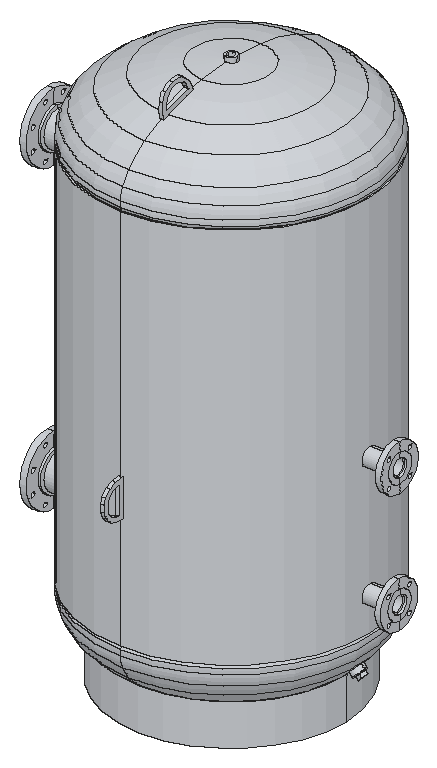
Revit family "HBT-300-24", category Generic Models, Revit 2014
Parameters (values of type "HBT-300-24")
  URL = "http://westank.com/"
  Tank Volume = 300.00 gal
  Part Number = 55643024
  Model = "HBT-300-24"
  Maximum Shipping Weight = 768 lbf
  G = 16"
  B = 4"
  A = 2"
  F = 32"
  E = 56"
  Description = "Wessels ASME 4-port primary-secondary Hot Water Buffer Tanks (HBT) are designed for use with today’s high efficiency systems that incorporate small modular low-mass boilers."
  D = 72"
  C = 36"
Reference planes (in)
  plane 1 "Center (Front/Back)": y = 0
  plane 2: z = 0
  plane 3 "Center (Left/Right)": x = 0
  plane 4: z = 0
  plane 5: x = -18
  plane 6: x = 18
  plane 7: z = 72
  plane 8: z = 56
  plane 9: z = 32
  plane 10: z = 16
Forms (in)
  Revolve 1, solid
    sketch origin (0, -0.02461, 0) x (0, 1, 0) y (0, 0, 1)
      loop
        line (-17.97559, 11.40987) -> (-17.77585, 11.40987)
        arc (-17.77585, 11.40987) -> (-17.77901, 11.38745) -> (-17.78675, 11.36617) r 0.10832
        line (-17.78675, 11.36617) -> (-17.97559, 10.97899)
        arc (-17.97559, 10.97899) -> (-17.97692, 10.6034) -> (-17.93634, 10.23002) r 3.36112
        arc (-17.93634, 10.23002) -> (-17.83534, 9.45516) -> (-17.56075, 8.72359) r 3.4127
        arc (-17.56075, 8.72359) -> (-17.14884, 7.91952) -> (-16.63227, 7.17835) r 6.68364
        arc (-16.63227, 7.17835) -> (-15.41449, 5.9118) -> (-13.99078, 4.88214) r 9.83519
        arc (-13.99078, 4.88214) -> (-12.33964, 3.99029) -> (-10.62031, 3.23825) r 22.63963
        arc (-10.62031, 3.23825) -> (-7.74153, 2.33452) -> (-4.76815, 1.82164) r 22.63963
        arc (-4.76815, 1.82164) -> (-2.37465, 1.61295) -> (0.02461, 1.4865) r 70.02787
        line (0.02461, 1.4865) -> (0.02461, 1.65848)
        arc (0.02461, 1.65848) -> (-2.3657, 1.78462) -> (-4.75028, 1.99258) r 69.85599
        arc (-4.75028, 1.99258) -> (-7.70109, 2.50157) -> (-10.55801, 3.39844) r 22.46775
        arc (-10.55801, 3.39844) -> (-12.26429, 4.14477) -> (-13.9029, 5.02985) r 22.46775
        arc (-13.9029, 5.02985) -> (-15.30173, 6.04151) -> (-16.49823, 7.28593) r 9.66331
        arc (-16.49823, 7.28593) -> (-17.00303, 8.01057) -> (-17.40515, 8.79685) r 6.51177
        arc (-17.40515, 8.79685) -> (-17.66943, 9.50016) -> (-17.76465, 10.24543) r 3.24083
        arc (-17.76465, 10.24543) -> (-17.80397, 10.58906) -> (-17.80585, 10.93493) r 3.18924
        line (-17.80585, 10.93493) -> (-17.63227, 11.29083)
        arc (-17.63227, 11.29083) -> (-17.60804, 11.35818) -> (-17.59889, 11.42917) r 0.33041
        line (-17.59889, 11.42917) -> (-17.80365, 11.42917) -> (-17.80365, 62.07314) -> (-17.59889, 62.07314)
        arc (-17.59889, 62.07314) -> (-17.60804, 62.14413) -> (-17.63227, 62.21149) r 0.33041
        line (-17.63227, 62.21149) -> (-17.80585, 62.56739)
        arc (-17.80585, 62.56739) -> (-17.80397, 62.91325) -> (-17.76465, 63.25688) r 3.18924
        arc (-17.76465, 63.25688) -> (-17.66943, 64.00215) -> (-17.40515, 64.70547) r 3.24083
        arc (-17.40515, 64.70547) -> (-17.00303, 65.49175) -> (-16.49823, 66.21639) r 6.51177
        arc (-16.49823, 66.21639) -> (-15.30173, 67.4608) -> (-13.9029, 68.47247) r 9.66331
        arc (-13.9029, 68.47247) -> (-12.26429, 69.35755) -> (-10.55801, 70.10388) r 22.46775
        arc (-10.55801, 70.10388) -> (-7.70109, 71.00074) -> (-4.75028, 71.50973) r 22.46775
        arc (-4.75028, 71.50973) -> (-2.3657, 71.71769) -> (0.02461, 71.84383) r 69.85599
        line (0.02461, 71.84383) -> (0.02461, 72.01582)
        arc (0.02461, 72.01582) -> (-2.37465, 71.88936) -> (-4.76815, 71.68068) r 70.02787
        arc (-4.76815, 71.68068) -> (-7.74153, 71.16779) -> (-10.62031, 70.26407) r 22.63963
        arc (-10.62031, 70.26407) -> (-12.33964, 69.51203) -> (-13.99078, 68.62018) r 22.63963
        arc (-13.99078, 68.62018) -> (-15.41449, 67.59052) -> (-16.63227, 66.32397) r 9.83519
        arc (-16.63227, 66.32397) -> (-17.14884, 65.58279) -> (-17.56075, 64.77872) r 6.68364
        arc (-17.56075, 64.77872) -> (-17.83534, 64.04715) -> (-17.93634, 63.2723) r 3.4127
        arc (-17.93634, 63.2723) -> (-17.97692, 62.89891) -> (-17.97559, 62.52332) r 3.36112
        line (-17.97559, 62.52332) -> (-17.78675, 62.13614)
        arc (-17.78675, 62.13614) -> (-17.77901, 62.11486) -> (-17.77585, 62.09244) r 0.10832
        line (-17.77585, 62.09244) -> (-17.97559, 62.09244) -> (-17.97559, 11.40987)
      axis (0.02461, 1.4865) -> (0.02461, 72.01582)
    angle from 0 to 360
  Revolve 2, solid
    sketch origin (1.3301, 0, 3.24654) x (0.990017, 0, -0.140951) y (0.140951, 0, 0.990017)
      loop
        line (14.71753, 6.11956) -> (14.66586, 6.1556) -> (14.25436, 5.56561) -> (14.86992, 5.13627) -> (15.24588, 5.6753) -> (15.19462, 5.71106) -> (15.31904, 5.88945) -> (14.80641, 6.24699) -> (14.71753, 6.11956)
      axis (14.25436, 5.56561) -> (14.86992, 5.13627)
    angle from 0 to 360
  Extrusion 3, solid
    sketch origin (16.3437, -180, 7.27869) x (0.681658, 0, 0.731671) y (0, -1, 0)
      loop
        line (-0.16036, -179.52645) -> (-0.95521, -179.68698) -> (-0.79485, -180.48095) -> (0, -180.32042) -> (-0.16036, -179.52645)
    from 1.02698 to 1.52678
  Extrusion 4, solid
    sketch origin (0, -6.04905, 4.9833) x (0, 1, 0) y (0, 0, 1)
      loop
        line (-11.93439, 21.33067) -> (-11.93439, 26.202)
        arc (-11.93439, 26.202) -> (-12.47846, 26.15164) -> (-13.01533, 26.05008) r 5.77422
        arc (-13.01533, 26.05008) -> (-13.49297, 25.89754) -> (-13.94252, 25.67548) r 3.35288
        arc (-13.94252, 25.67548) -> (-14.34081, 25.36666) -> (-14.64962, 24.96837) r 2.0073
        arc (-14.64962, 24.96837) -> (-14.80343, 24.58932) -> (-14.88788, 24.18906) r 2.30742
        arc (-14.88788, 24.18906) -> (-14.91277, 23.77188) -> (-14.88788, 23.3547) r 3.50846
        arc (-14.88788, 23.3547) -> (-14.79412, 22.92876) -> (-14.61961, 22.52904) r 2.24053
        arc (-14.61961, 22.52904) -> (-14.27401, 22.08806) -> (-13.80999, 21.77406) r 1.8078
        arc (-13.80999, 21.77406) -> (-13.34321, 21.55591) -> (-12.84107, 21.44044) r 2.44481
        arc (-12.84107, 21.44044) -> (-12.39043, 21.36326) -> (-11.93439, 21.33067) r 4.65484
      loop
        arc (-12.44611, 25.63929) -> (-12.67227, 25.60073) -> (-12.89654, 25.55235) r 5.2625
        arc (-12.89654, 25.55235) -> (-13.30128, 25.42308) -> (-13.68221, 25.23491) r 2.84116
        arc (-13.68221, 25.23491) -> (-13.97364, 25.01013) -> (-14.20134, 24.72098) r 1.49558
        arc (-14.20134, 24.72098) -> (-14.3163, 24.43235) -> (-14.37979, 24.12821) r 1.7957
        arc (-14.37979, 24.12821) -> (-14.40106, 23.77188) -> (-14.37979, 23.41555) r 2.99674
        arc (-14.37979, 23.41555) -> (-14.30745, 23.08689) -> (-14.17279, 22.77846) r 1.72881
        arc (-14.17279, 22.77846) -> (-13.91552, 22.45353) -> (-13.56884, 22.22643) r 1.29608
        arc (-13.56884, 22.22643) -> (-13.1779, 22.0402) -> (-12.75531, 21.94566) r 1.9331
        arc (-12.75531, 21.94566) -> (-12.60126, 21.91347) -> (-12.44611, 21.88716) r 4.14312
        line (-12.44611, 21.88716) -> (-12.44611, 25.63929)
    from -0.24366 to 0.25634
  Extrusion 5, solid
    sketch origin (0, -28.53332, 53.09576) x (0, 0.284015, -0.95882) y (0, 0.95882, 0.284015)
      loop
        arc (-11.9298, 25.67102) -> (-12.15596, 25.63246) -> (-12.38023, 25.58408) r 5.2625
        arc (-12.38023, 25.58408) -> (-12.78497, 25.45482) -> (-13.16591, 25.26664) r 2.84116
        arc (-13.16591, 25.26664) -> (-13.45733, 25.04186) -> (-13.68503, 24.75271) r 1.49558
        arc (-13.68503, 24.75271) -> (-13.8, 24.46408) -> (-13.86349, 24.15994) r 1.7957
        arc (-13.86349, 24.15994) -> (-13.88475, 23.80361) -> (-13.86349, 23.44728) r 2.99674
        arc (-13.86349, 23.44728) -> (-13.79114, 23.11862) -> (-13.65649, 22.81019) r 1.72881
        arc (-13.65649, 22.81019) -> (-13.39922, 22.48527) -> (-13.05253, 22.25816) r 1.29608
        arc (-13.05253, 22.25816) -> (-12.66159, 22.07193) -> (-12.239, 21.97739) r 1.9331
        arc (-12.239, 21.97739) -> (-12.08496, 21.94521) -> (-11.9298, 21.91889) r 4.14312
        line (-11.9298, 21.91889) -> (-11.9298, 25.67102)
      loop
        line (-11.25461, 21.34343) -> (-11.25461, 26.18965)
        arc (-11.25461, 26.18965) -> (-12.15974, 26.1622) -> (-13.02719, 25.90227) r 3.48194
        arc (-13.02719, 25.90227) -> (-13.54727, 25.6041) -> (-13.99851, 25.20943) r 3.03185
        arc (-13.99851, 25.20943) -> (-14.28248, 24.55653) -> (-14.39992, 23.8543) r 2.91879
        arc (-14.39992, 23.8543) -> (-14.3348, 23.1787) -> (-14.08611, 22.54717) r 2.44012
        arc (-14.08611, 22.54717) -> (-13.716, 22.08641) -> (-13.21844, 21.76749) r 1.83162
        arc (-13.21844, 21.76749) -> (-12.25729, 21.45928) -> (-11.25461, 21.34343) r 5.1769
    from -0.24366 to 0.25634
  Extrusion 6, solid
    sketch origin (0, 0, 0) x (1, 0, 0) y (0, 1, 0)
      loop
        circle (0, 0) r 0.75
      loop
        circle (0, 0) r 0.5
    from 71.36613 to 72.49354
  Extrusion 7, void
    sketch origin (0, 0, 0) x (1, 0, 0) y (0, 1, 0)
      loop
        circle (0, 0) r 0.5
    from 70.90268 to 73.75579
  Revolve 8, solid
    sketch origin (0, 0, 0) x (1, 0, 0) y (0, 0, 1)
      loop
        line (14.82824, 5.43485) -> (14.82824, 0) -> (15, 0) -> (15, 5.43485) -> (14.82824, 5.43485)
      axis (0, 5.43485) -> (0, 0)
    angle from 0 to 360
  Revolve 9, solid
    sketch origin (-4.11882, 0, 3.28348) x (1, 0, 0) y (0, 0, 1)
      loop
        line (24.99382, 11.53157) -> (24.99382, 10.96875) -> (25.24382, 10.96875) -> (25.24382, 9.71837) -> (25.93132, 9.71837) -> (25.93132, 10.90594) -> (25.99382, 10.90594) -> (25.99382, 11.53157) -> (24.99382, 11.53157)
      axis (25.99382, 12.71652) -> (24.99382, 12.71652)
    angle from 0 to 360
  Revolve 10, solid
    sketch origin (-2.17131, 0, 3.5) x (-1, 0, 0) y (0, 0, -1)
      loop
        line (-17.17131, -11.46847) -> (-17.17131, -11.31445) -> (-23.67131, -11.31445) -> (-23.67131, -11.46847) -> (-17.17131, -11.46847)
      axis (-23.67131, -12.5) -> (-17.17131, -12.5)
    angle from 0 to 360
  Extrusion 11, void
    sketch origin (5.87592, 0, 3.00195) x (0, 1, 0) y (0, 0, 1)
      loop
        circle (1.68454, 14.67389) r 0.38273
      loop
        circle (-1.69766, 14.67389) r 0.37635
      loop
        circle (-1.66641, 11.31003) r 0.35289
      loop
        circle (1.70166, 11.31003) r 0.37084
    from 13.49462 to 18.49167
  Revolve 12, solid
    sketch origin (-4.05645, 0, 19.28348) x (1, 0, 0) y (0, 0, 1)
      loop
        line (24.99382, 11.53157) -> (24.99382, 10.96875) -> (25.24382, 10.96875) -> (25.24382, 9.71837) -> (25.93132, 9.71837) -> (25.93132, 10.90594) -> (25.99382, 10.90594) -> (25.99382, 11.53157) -> (24.99382, 11.53157)
      axis (25.99382, 12.71652) -> (24.99382, 12.71652)
    angle from 0 to 360
  Revolve 13, solid
    sketch origin (-2.10894, 0, 19.5) x (-1, 0, 0) y (0, 0, -1)
      loop
        line (-17.17131, -11.46847) -> (-17.17131, -11.31445) -> (-23.67131, -11.31445) -> (-23.67131, -11.46847) -> (-17.17131, -11.46847)
      axis (-23.67131, -12.5) -> (-17.17131, -12.5)
    angle from 0 to 360
  Extrusion 14, void
    sketch origin (5.93829, 0, 19.00195) x (0, 1, 0) y (0, 0, 1)
      loop
        circle (1.68454, 14.67389) r 0.38273
      loop
        circle (-1.69766, 14.67389) r 0.37635
      loop
        circle (-1.66641, 11.31003) r 0.35289
      loop
        circle (1.70166, 11.31003) r 0.37084
    from 13.49462 to 18.49167
  Extrusion 15, void
    sketch origin (3.96338, 0, 8.24902) x (0, 1, 0) y (0, 0, 1)
      loop
        circle (0, 23.75098) r 1.03153
    from 10.06157 to 17.27456
  Revolve 16, solid
    sketch origin (-2.98639, 0, 41.50063) x (-1, 0, 0) y (0, 0, 1)
      loop
        line (19.69342, 12.25162) -> (19.69342, 11.84312) -> (20.06842, 11.84312) -> (20.06842, 9.99939) -> (20.94342, 9.99939) -> (20.94342, 11.40562) -> (21.00592, 11.40562) -> (21.00592, 12.25162) -> (19.69342, 12.25162)
      axis (21.00592, 14.49937) -> (19.69342, 14.49937)
    angle from 0 to 360
  Extrusion 17, void
    sketch origin (-3.60333, 0.13917, 42.92009) x (0, 1, 0) y (0, 0, -1)
      loop
        circle (1.30132, -16.54217) r 0.39709
      loop
        circle (-1.56705, -16.54739) r 0.36639
      loop
        circle (-3.60255, -14.51771) r 0.39644
      loop
        circle (-3.60937, -11.65864) r 0.39509
      loop
        circle (-1.59929, -9.62587) r 0.36154
      loop
        circle (1.29595, -9.61541) r 0.37125
      loop
        circle (3.31863, -14.53108) r 0.38234
      loop
        circle (3.32718, -11.64927) r 0.36602
    from 15.80097 to 22.64667
  Revolve 18, solid
    sketch origin (-3.58795, 0, 41.50258) x (1, 0, 0) y (0, 0, 1)
      loop
        line (-13.77936, 12.48441) -> (-20.02936, 12.48441) -> (-20.02936, 12.24742) -> (-13.77936, 12.24742) -> (-13.77936, 12.48441)
      axis (-20.02936, 14.49742) -> (-13.77936, 14.49742)
    angle from 0 to 360
  Extrusion 19, void
    sketch origin (0, 0, 0.25) x (0, 1, 0) y (0, 0, 1)
      loop
        circle (0, 55.75) r 2.013
    from -21.98599 to -16.85333
  Extrusion 20, void
    sketch origin (-3.60333, 0.13917, 2.92009) x (0, 1, 0) y (0, 0, -1)
      loop
        circle (1.30132, -16.54217) r 0.39709
      loop
        circle (-1.56705, -16.54739) r 0.36639
      loop
        circle (-3.60255, -14.51771) r 0.39644
      loop
        circle (-3.60937, -11.65864) r 0.39509
      loop
        circle (-1.59929, -9.62587) r 0.36154
      loop
        circle (1.29595, -9.61541) r 0.37125
      loop
        circle (3.31863, -14.53108) r 0.38234
      loop
        circle (3.32718, -11.64927) r 0.36602
    from 22.86736 to 18.16765
  Revolve 21, solid
    sketch origin (-2.98639, 0, 1.50063) x (-1, 0, 0) y (0, 0, 1)
      loop
        line (19.69342, 12.25162) -> (19.69342, 11.84312) -> (20.06842, 11.84312) -> (20.06842, 9.99939) -> (20.94342, 9.99939) -> (20.94342, 11.40562) -> (21.00592, 11.40562) -> (21.00592, 12.25162) -> (19.69342, 12.25162)
      axis (21.00592, 14.49937) -> (19.69342, 14.49937)
    angle from 0 to 360
  Revolve 22, solid
    sketch origin (-3.58795, 0, 1.50258) x (1, 0, 0) y (0, 0, 1)
      loop
        line (-13.77936, 12.48441) -> (-20.02936, 12.48441) -> (-20.02936, 12.24742) -> (-13.77936, 12.24742) -> (-13.77936, 12.48441)
      axis (-20.02936, 14.49742) -> (-13.77936, 14.49742)
    angle from 0 to 360
  Extrusion 23, void
    sketch origin (0, 0, 0) x (0, 1, 0) y (0, 0, 1)
      loop
        circle (0, 16) r 2.013
    from -25.80262 to -14.49862
Cuts and joins
  joined: Extrusion 3, Extrusion 4, Extrusion 5, Extrusion 6, Revolve 8
  Extrusion 7, Extrusion 11, Extrusion 14, Extrusion 15, Extrusion 19, Extrusion 23 cuts Revolve 1
  Extrusion 11 cuts Revolve 9
  Extrusion 14 cuts Revolve 12
  Extrusion 15 cuts Revolve 13
  Extrusion 17 cuts Revolve 16
  Extrusion 19 cuts Revolve 18
  Extrusion 20 cuts Revolve 21
  Extrusion 23 cuts Revolve 22
Dimensions and locks (in)
  "D": plane 7 to plane 4
  "G": plane 10 to plane 4
  "F": plane 9 to plane 4
  "E": plane 8 to plane 4
  "C": plane 6 to plane 5
  aligned and locked: plane 2 to level
Automatic sketch dimensions
  Revolve 1 sketch curve to Revolve 1 sketch curve = 0"  (x56)
  Revolve 1 sketch curve to plane 1 "Center (Front/Back)" = 0"  (x3)
  plane 1 "Center (Front/Back)" to Revolve 1 sketch curve = 2.43969"  (x2)
  Revolve 1 sketch curve to plane 10 = 2.66549"
  plane 1 "Center (Front/Back)" to Revolve 1 sketch curve = 8.98663"  (x2)
  plane 8 to Revolve 1 sketch curve = 4.16781"
  Revolve 1 sketch curve to Revolve 1 sketch curve = 2.45782"  (x2)
  Revolve 1 sketch curve to Revolve 1 sketch curve = 3.10417"  (x2)
  Revolve 1 sketch curve to Revolve 1 sketch curve = 0.0964"  (x2)
  Revolve 1 sketch curve to Revolve 1 sketch curve = 2.97849"  (x2)
  plane 8 to Revolve 1 sketch curve = 6.21149"
  Revolve 1 sketch curve to Revolve 1 sketch curve = 0.03338"  (x2)
  Revolve 1 sketch curve to plane 10 = 4.70917"
  Revolve 1 sketch curve to Revolve 1 sketch curve = 0.17696"  (x2)
  Revolve 1 sketch curve to plane 10 = 4.63383"
  Revolve 1 sketch curve to Revolve 1 sketch curve = 0.0109"  (x2)
  plane 8 to Revolve 1 sketch curve = 6.13614"
  Revolve 1 sketch curve to Revolve 1 sketch curve = 0.0278"
  plane 8 to Revolve 1 sketch curve = 6.56739"
  Revolve 1 sketch curve to Revolve 1 sketch curve = 0.17358"  (x2)
  Revolve 1 sketch curve to plane 10 = 5.06507"
  Revolve 1 sketch curve to Revolve 1 sketch curve = 0.08045"  (x2)
  Revolve 1 sketch curve to Revolve 1 sketch curve = 0.04514"  (x2)
  Revolve 1 sketch curve to Revolve 1 sketch curve = 0.04635"
  Revolve 1 sketch curve to plane 10 = 5.02101"
  Revolve 1 sketch curve to Revolve 1 sketch curve = 0.16974"  (x2)
  plane 8 to Revolve 1 sketch curve = 6.52332"
  Revolve 1 sketch curve to plane 7 = 0.52976"
  Revolve 1 sketch curve to plane 1 "Center (Front/Back)" = 2.48565"  (x2)
  Revolve 1 sketch curve to Revolve 1 sketch curve = 0.51151"
  Revolve 1 sketch curve to Revolve 1 sketch curve = 0.49854"  (x2)
  level to Revolve 1 sketch curve = 2.03208"
  level to Revolve 1 sketch curve = 1.65848"
  Revolve 1 sketch curve to Revolve 1 sketch curve = 0.17198"
  Revolve 1 sketch curve to Revolve 1 sketch curve = 1 249/256"  (x2)
  Revolve 1 sketch curve to Revolve 1 sketch curve = 0.0437"
  Revolve 1 sketch curve to Revolve 1 sketch curve = 0.0193"
  Revolve 1 sketch curve to plane 9 = 7.66135"
  Revolve 1 sketch curve to plane 8 = 6.83634"
  Revolve 1 sketch curve to Revolve 1 sketch curve = 0.0695"
  Revolve 1 sketch curve to Revolve 1 sketch curve = 0.02202"
  Revolve 1 sketch curve to Revolve 1 sketch curve = 0.64986"
  Revolve 1 sketch curve to plane 7 = 0.15617"
  plane 7 to Revolve 1 sketch curve = 0.01582"
  Revolve 1 sketch curve to plane 7 = 1.89612"
  level to Revolve 1 sketch curve = 3 51/128"
  Revolve 1 sketch curve to Revolve 1 sketch curve = 0.06229"  (x2)
  Revolve 1 sketch curve to Revolve 1 sketch curve = 0.90692"  (x2)
  Revolve 1 sketch curve to Revolve 1 sketch curve = 0.1556"  (x2)
  Revolve 1 sketch curve to plane 9 = 3.10692"
  plane 9 to Revolve 1 sketch curve = 0.64308"
  Revolve 2 sketch curve to plane 6 = 1.77337"
  level to Revolve 2 sketch curve = 6.74742"
  Revolve 2 sketch curve to Revolve 2 sketch curve = 0.4115"
  Revolve 2 sketch curve to Revolve 2 sketch curve = 0.05167"
  Revolve 2 sketch curve to Revolve 2 sketch curve = 0.08888"
  Revolve 2 sketch curve to Revolve 2 sketch curve = 0.61556"
  Revolve 2 sketch curve to Revolve 2 sketch curve = 0.47709"
  Revolve 2 sketch curve to Revolve 2 sketch curve = 0.05126"
  Revolve 2 sketch curve to Revolve 2 sketch curve = 0.42934"
  Revolve 2 sketch curve to Revolve 2 sketch curve = 0.12768"
  Revolve 2 sketch curve to Revolve 2 sketch curve = 0"  (x2)
  Revolve 2 sketch curve to Revolve 2 sketch curve = 0.08905"
  plane 1 "Center (Front/Back)" to Extrusion 3 sketch curve = 0.31302"
  Extrusion 3 sketch curve to plane 1 "Center (Front/Back)" = 0.48095"
  Extrusion 3 sketch curve to Extrusion 3 sketch curve = 0.16036"  (x2)
  plane 1 "Center (Front/Back)" to Extrusion 3 sketch curve = 0.47355"
  Extrusion 3 sketch curve to Extrusion 3 sketch curve = 0.79485"
  Extrusion 3 sketch curve to plane 1 "Center (Front/Back)" = 0.32042"
  Extrusion 4 sketch curve to Extrusion 4 sketch curve = 0"  (x24)
  Extrusion 4 sketch curve to plane 9 = 3.6065"
  plane 1 "Center (Front/Back)" to Extrusion 4 sketch curve = 19.09014"
  Extrusion 4 sketch curve to Extrusion 4 sketch curve = 0.11966"
  Extrusion 4 sketch curve to Extrusion 4 sketch curve = 0.25819"
  Extrusion 4 sketch curve to Extrusion 4 sketch curve = 17/256"
  Extrusion 4 sketch curve to Extrusion 4 sketch curve = 0.04958"
  Extrusion 4 sketch curve to Extrusion 4 sketch curve = 0.15073"
  Extrusion 4 sketch curve to Extrusion 4 sketch curve = 0.20915"
  Extrusion 4 sketch curve to Extrusion 4 sketch curve = 131/256"
  Extrusion 4 sketch curve to Extrusion 4 sketch curve = 0.10338"
  Extrusion 4 sketch curve to Extrusion 4 sketch curve = 0.25955"
  Extrusion 4 sketch curve to Extrusion 4 sketch curve = 1.14294"
  Extrusion 4 sketch curve to Extrusion 4 sketch curve = 0.62139"
  Extrusion 4 sketch curve to Extrusion 4 sketch curve = 0.90165"
  Extrusion 4 sketch curve to Extrusion 4 sketch curve = 0.55648"
  Extrusion 4 sketch curve to Extrusion 4 sketch curve = 0.89706"
  Extrusion 4 sketch curve to Extrusion 4 sketch curve = 27/128"
  Extrusion 4 sketch curve to Extrusion 4 sketch curve = 0.15076"
  Extrusion 4 sketch curve to Extrusion 4 sketch curve = 0.24641"
  Extrusion 4 sketch curve to Extrusion 4 sketch curve = 0.04716"
  Extrusion 4 sketch curve to Extrusion 4 sketch curve = 0.0326"
  Extrusion 4 sketch curve to plane 9 = 1.37741"
  Extrusion 4 sketch curve to Extrusion 4 sketch curve = 0.34507"
  Extrusion 4 sketch curve to Extrusion 4 sketch curve = 0.21764"
  Extrusion 4 sketch curve to Extrusion 4 sketch curve = 1.12273"
  Extrusion 4 sketch curve to Extrusion 4 sketch curve = 0.78568"
  Extrusion 4 sketch curve to Extrusion 4 sketch curve = 0.24115"
  Extrusion 4 sketch curve to Extrusion 4 sketch curve = 0.2603"
  Extrusion 4 sketch curve to Extrusion 4 sketch curve = 0.60395"
  Extrusion 4 sketch curve to Extrusion 4 sketch curve = 0.51913"
  Extrusion 4 sketch curve to Extrusion 4 sketch curve = 0.44682"
  Extrusion 4 sketch curve to Extrusion 4 sketch curve = 0.44829"
  Extrusion 6 sketch curve to Extrusion 6 sketch curve = 0"  (x2)
  plane 1 "Center (Front/Back)" to Extrusion 6 sketch curve = 0"
  Extrusion 6 sketch curve to plane 3 "Center (Left/Right)" = 0"
  Extrusion 7 sketch curve to Extrusion 7 sketch curve = 0"  (x2)
  plane 1 "Center (Front/Back)" to Extrusion 7 sketch curve = 0"
  Extrusion 7 sketch curve to plane 3 "Center (Left/Right)" = 0"
  Extrusion 7 sketch curve to plane 3 "Center (Left/Right)" = 1/2"
  Revolve 8 sketch curve to plane 3 "Center (Left/Right)" = 0"
  Revolve 8 sketch curve to level = 0"
  Revolve 8 sketch curve to plane 6 = 3.17176"
  Revolve 8 sketch curve to Revolve 8 sketch curve = 0.17176"
  level to Revolve 8 sketch curve = 5.43485"
  level to Revolve 8 sketch curve = 4.69941"
  Revolve 8 sketch curve to Revolve 8 sketch curve = 1"
  Extrusion 5 sketch curve to plane 7 = 0.23736"
  plane 1 "Center (Front/Back)" to Extrusion 5 sketch curve = 9.61397"
  Extrusion 5 sketch curve to Extrusion 5 sketch curve = 0.03301"
  Extrusion 5 sketch curve to Extrusion 5 sketch curve = 0.08665"
  Extrusion 5 sketch curve to Extrusion 5 sketch curve = 0.34483"
  Extrusion 5 sketch curve to Extrusion 5 sketch curve = 17/256"
  Extrusion 5 sketch curve to Extrusion 5 sketch curve = 0.04958"
  Extrusion 5 sketch curve to Extrusion 5 sketch curve = 0.06885"
  Extrusion 5 sketch curve to Extrusion 5 sketch curve = 0.15073"
  Extrusion 5 sketch curve to Extrusion 5 sketch curve = 0.36028"
  Extrusion 5 sketch curve to Extrusion 5 sketch curve = 0.06601"
  Extrusion 5 sketch curve to Extrusion 5 sketch curve = 0.11815"
  Extrusion 5 sketch curve to Extrusion 5 sketch curve = 0.47821"
  Extrusion 5 sketch curve to Extrusion 5 sketch curve = 0.6151"
  Extrusion 5 sketch curve to Extrusion 5 sketch curve = 0.0601"
  Extrusion 5 sketch curve to Extrusion 5 sketch curve = 0.09002"
  Extrusion 5 sketch curve to Extrusion 5 sketch curve = 0.09607"
  Extrusion 5 sketch curve to Extrusion 5 sketch curve = 0.59588"
  Extrusion 5 sketch curve to Extrusion 5 sketch curve = 0.3061"
  Extrusion 5 sketch curve to Extrusion 5 sketch curve = 0.31529"
  Extrusion 5 sketch curve to Extrusion 5 sketch curve = 0.0954"
  Extrusion 5 sketch curve to Extrusion 5 sketch curve = 0.80625"
  Extrusion 5 sketch curve to Extrusion 5 sketch curve = 0.57547"
  Extrusion 5 sketch curve to Extrusion 5 sketch curve = 0.87808"
  Extrusion 5 sketch curve to Extrusion 5 sketch curve = 0.00686"
  Extrusion 5 sketch curve to Extrusion 5 sketch curve = 0.20406"
  Extrusion 5 sketch curve to Extrusion 5 sketch curve = 0.59172"
  Extrusion 5 sketch curve to Extrusion 5 sketch curve = 0.09548"
  Extrusion 5 sketch curve to Extrusion 5 sketch curve = 0.07607"
  Extrusion 5 sketch curve to Extrusion 5 sketch curve = 0.15093"
  Extrusion 5 sketch curve to Extrusion 5 sketch curve = 0.04716"
  Extrusion 5 sketch curve to Extrusion 5 sketch curve = 0.0326"
  Extrusion 5 sketch curve to Extrusion 5 sketch curve = 1.7246"
  Extrusion 5 sketch curve to Extrusion 5 sketch curve = 0.34507"
  Extrusion 5 sketch curve to Extrusion 5 sketch curve = 0.17356"
  Extrusion 5 sketch curve to Extrusion 5 sketch curve = 0.32989"
  Extrusion 5 sketch curve to Extrusion 5 sketch curve = 0"  (x6)
  Extrusion 5 sketch curve to Extrusion 5 sketch curve = 0.1659"
  Extrusion 5 sketch curve to Extrusion 5 sketch curve = 0.13872"
  Extrusion 5 sketch curve to Extrusion 5 sketch curve = 0.42962"
  Extrusion 5 sketch curve to Extrusion 5 sketch curve = 0.51913"
  Extrusion 5 sketch curve to Extrusion 5 sketch curve = 0.31348"
  plane 6 to Revolve 9 sketch curve = 2 7/8"
  plane 6 to Revolve 9 sketch curve = 3 1/8"
  Revolve 9 sketch curve to Revolve 9 sketch curve = 11/16"
  Revolve 9 sketch curve to Revolve 9 sketch curve = 1/16"
  Revolve 9 sketch curve to plane 10 = 2.99815"
  Revolve 9 sketch curve to Revolve 9 sketch curve = 1.18757"
  Revolve 9 sketch curve to Revolve 9 sketch curve = 0.06281"
  Revolve 9 sketch curve to Revolve 9 sketch curve = 0.62563"
  Revolve 9 sketch curve to plane 10 = 0"
  Revolve 9 sketch curve to Revolve 9 sketch curve = 5 7/8"
  plane 3 "Center (Left/Right)" to Revolve 9 sketch curve = 7 3/4"
  plane 6 to Revolve 10 sketch curve = 3 1/2"
  Revolve 10 sketch curve to plane 6 = 3"
  Revolve 10 sketch curve to plane 10 = 1.03153"
  Revolve 10 sketch curve to Revolve 10 sketch curve = 0.15401"
  Revolve 10 sketch curve to Revolve 10 sketch curve = 1/4"
  Revolve 10 sketch curve to Revolve 10 sketch curve = 3/4"
  Revolve 10 sketch curve to Revolve 10 sketch curve = 1.03153"
  plane 10 to Extrusion 11 sketch curve = 1.67584"  (x2)
  plane 1 "Center (Front/Back)" to Extrusion 11 sketch curve = 1.69766"
  plane 1 "Center (Front/Back)" to Extrusion 11 sketch curve = 1.66641"
  Extrusion 11 sketch curve to plane 1 "Center (Front/Back)" = 1.68454"
  Extrusion 11 sketch curve to plane 1 "Center (Front/Back)" = 1.70166"
  Extrusion 11 sketch curve to Extrusion 11 sketch curve = 3.36385"  (x2)
  plane 6 to Revolve 12 sketch curve = 2.93736"
  plane 6 to Revolve 12 sketch curve = 3.18736"
  Revolve 12 sketch curve to Revolve 12 sketch curve = 11/16"
  Revolve 12 sketch curve to Revolve 12 sketch curve = 1/16"
  Revolve 12 sketch curve to plane 9 = 2.99815"
  Revolve 12 sketch curve to Revolve 12 sketch curve = 1.18757"
  Revolve 12 sketch curve to Revolve 12 sketch curve = 0.06281"
  Revolve 12 sketch curve to Revolve 12 sketch curve = 0.62563"
  Revolve 12 sketch curve to plane 6 = 2.93763"
  plane 3 "Center (Left/Right)" to Revolve 12 sketch curve = 7.81237"
  Revolve 12 sketch curve to plane 9 = 0"
  plane 6 to Revolve 13 sketch curve = 3.56237"
  Revolve 13 sketch curve to plane 6 = 2.93763"
  Revolve 13 sketch curve to plane 9 = 1.03153"
  Revolve 13 sketch curve to Revolve 13 sketch curve = 0.15401"
  Revolve 13 sketch curve to Revolve 13 sketch curve = 1/4"
  Revolve 13 sketch curve to Revolve 13 sketch curve = 3/4"
  Revolve 13 sketch curve to Revolve 13 sketch curve = 1.03153"
  plane 1 "Center (Front/Back)" to Extrusion 14 sketch curve = 1.69766"
  plane 1 "Center (Front/Back)" to Extrusion 14 sketch curve = 1.66641"
  Extrusion 14 sketch curve to plane 1 "Center (Front/Back)" = 1.68454"
  Extrusion 14 sketch curve to plane 1 "Center (Front/Back)" = 1.70166"
  Extrusion 14 sketch curve to plane 9 = 1.68801"
  Extrusion 14 sketch curve to Extrusion 14 sketch curve = 0"
  plane 9 to Extrusion 14 sketch curve = 1.67584"  (x2)
  Extrusion 15 sketch curve to Extrusion 15 sketch curve = 0"  (x2)
  Extrusion 15 sketch curve to plane 1 "Center (Front/Back)" = 0"
  Extrusion 15 sketch curve to plane 9 = 0"
  Extrusion 15 sketch curve to Extrusion 15 sketch curve = 1.03153"
  Revolve 16 sketch curve to plane 8 = 0"
  plane 5 to Revolve 16 sketch curve = 4.67981"
  Revolve 16 sketch curve to Revolve 16 sketch curve = 3/8"
  Revolve 16 sketch curve to Revolve 16 sketch curve = 7/8"
  Revolve 16 sketch curve to Revolve 16 sketch curve = 1/16"
  plane 8 to Revolve 16 sketch curve = 2.24774"
  Revolve 16 sketch curve to Revolve 16 sketch curve = 0.40851"
  Revolve 16 sketch curve to Revolve 16 sketch curve = 0.84601"
  Revolve 16 sketch curve to Revolve 16 sketch curve = 1.40622"
  Revolve 16 sketch curve to plane 5 = 0.59331"
  Revolve 16 sketch curve to Revolve 16 sketch curve = 0.68278"
  Extrusion 17 sketch curve to plane 8 = 1.42127"
  plane 1 "Center (Front/Back)" to Extrusion 17 sketch curve = 3.4702"
  Extrusion 17 sketch curve to Extrusion 17 sketch curve = 0.00682"
  plane 1 "Center (Front/Back)" to Extrusion 17 sketch curve = 1.46012"
  plane 1 "Center (Front/Back)" to Extrusion 17 sketch curve = 1.42788"
  Extrusion 17 sketch curve to plane 1 "Center (Front/Back)" = 1.43512"
  Extrusion 17 sketch curve to plane 1 "Center (Front/Back)" = 1.44049"
  Extrusion 17 sketch curve to Extrusion 17 sketch curve = 2.01731"
  Extrusion 17 sketch curve to plane 8 = 1.43064"
  Extrusion 17 sketch curve to Extrusion 17 sketch curve = 2 1/32"
  plane 8 to Extrusion 17 sketch curve = 1.4378"
  plane 8 to Extrusion 17 sketch curve = 1.45117"
  Extrusion 17 sketch curve to Extrusion 17 sketch curve = 2.01109"
  Extrusion 17 sketch curve to Extrusion 17 sketch curve = 0.00522"
  Extrusion 17 sketch curve to Extrusion 17 sketch curve = 2.03277"
  Extrusion 17 sketch curve to Extrusion 17 sketch curve = 2.03386"
  Revolve 18 sketch curve to plane 8 = 0"
  Revolve 18 sketch curve to plane 8 = 2 1/4"
  Revolve 18 sketch curve to plane 5 = 5.61731"
  plane 5 to Revolve 18 sketch curve = 0.63269"
  Revolve 18 sketch curve to Revolve 18 sketch curve = 0.237"
  Revolve 18 sketch curve to plane 5 = 0.15872"
  plane 5 to Revolve 18 sketch curve = 0.20143"
  Extrusion 19 sketch curve to Extrusion 19 sketch curve = 0"  (x2)
  Extrusion 19 sketch curve to plane 1 "Center (Front/Back)" = 0"
  Extrusion 19 sketch curve to plane 8 = 0"
  Extrusion 19 sketch curve to Extrusion 19 sketch curve = 2.013"
  Extrusion 20 sketch curve to plane 10 = 1.42127"
  plane 1 "Center (Front/Back)" to Extrusion 20 sketch curve = 3.4702"
  Extrusion 20 sketch curve to Extrusion 20 sketch curve = 0.00682"
  plane 1 "Center (Front/Back)" to Extrusion 20 sketch curve = 1.46012"
  plane 1 "Center (Front/Back)" to Extrusion 20 sketch curve = 1.42788"
  Extrusion 20 sketch curve to plane 1 "Center (Front/Back)" = 1.43512"
  Extrusion 20 sketch curve to plane 1 "Center (Front/Back)" = 1.44049"
  Extrusion 20 sketch curve to Extrusion 20 sketch curve = 2.01731"
  Extrusion 20 sketch curve to plane 10 = 1.43064"
  Extrusion 20 sketch curve to Extrusion 20 sketch curve = 2 1/32"
  plane 10 to Extrusion 20 sketch curve = 1.4378"
  plane 10 to Extrusion 20 sketch curve = 1.45117"
  Extrusion 20 sketch curve to Extrusion 20 sketch curve = 2.01109"
  Extrusion 20 sketch curve to Extrusion 20 sketch curve = 0.00522"
  Extrusion 20 sketch curve to Extrusion 20 sketch curve = 2.03277"
  Extrusion 20 sketch curve to Extrusion 20 sketch curve = 2.03386"
  Revolve 21 sketch curve to plane 10 = 0"
  plane 5 to Revolve 21 sketch curve = 4.67981"
  Revolve 21 sketch curve to Revolve 21 sketch curve = 3/8"
  Revolve 21 sketch curve to Revolve 21 sketch curve = 7/8"
  Revolve 21 sketch curve to Revolve 21 sketch curve = 1/16"
  plane 10 to Revolve 21 sketch curve = 2.24774"
  Revolve 21 sketch curve to Revolve 21 sketch curve = 0.40851"
  Revolve 21 sketch curve to Revolve 21 sketch curve = 0.84601"
  Revolve 21 sketch curve to Revolve 21 sketch curve = 1.40622"
  Revolve 21 sketch curve to plane 5 = 0.59331"
  Revolve 21 sketch curve to Revolve 21 sketch curve = 0.68278"
  Revolve 22 sketch curve to plane 10 = 0"
  Revolve 22 sketch curve to plane 10 = 2 1/4"
  Revolve 22 sketch curve to plane 5 = 5.61731"
  plane 5 to Revolve 22 sketch curve = 0.63269"
  Revolve 22 sketch curve to Revolve 22 sketch curve = 0.237"
  Revolve 22 sketch curve to plane 5 = 0.15872"
  plane 5 to Revolve 22 sketch curve = 0.20143"
  Extrusion 23 sketch curve to Extrusion 23 sketch curve = 0"  (x2)
  Extrusion 23 sketch curve to plane 1 "Center (Front/Back)" = 0"
  Extrusion 23 sketch curve to plane 10 = 0"
  Extrusion 23 sketch curve to plane 10 = 2.013"
  radius of Extrusion 6 sketch curve = 3/4"
  radius of Extrusion 6 sketch curve = 1/2"
  radius of Extrusion 11 sketch curve = 0.38273"
  radius of Extrusion 11 sketch curve = 0.37635"
  radius of Extrusion 11 sketch curve = 0.35289"
  radius of Extrusion 11 sketch curve = 0.37084"
  radius of Extrusion 14 sketch curve = 0.38273"
  radius of Extrusion 14 sketch curve = 0.37635"
  radius of Extrusion 14 sketch curve = 0.35289"
  radius of Extrusion 14 sketch curve = 0.37084"
  radius of Extrusion 17 sketch curve = 0.39709"
  radius of Extrusion 17 sketch curve = 0.36639"
  radius of Extrusion 17 sketch curve = 0.39644"
  radius of Extrusion 17 sketch curve = 0.39509"
  radius of Extrusion 17 sketch curve = 0.36154"
  radius of Extrusion 17 sketch curve = 0.37125"
  radius of Extrusion 17 sketch curve = 0.38234"
  radius of Extrusion 17 sketch curve = 0.36602"
  radius of Extrusion 20 sketch curve = 0.39709"
  radius of Extrusion 20 sketch curve = 0.36639"
  radius of Extrusion 20 sketch curve = 0.39644"
  radius of Extrusion 20 sketch curve = 0.39509"
  radius of Extrusion 20 sketch curve = 0.36154"
  radius of Extrusion 20 sketch curve = 0.37125"
  radius of Extrusion 20 sketch curve = 0.38234"
  radius of Extrusion 20 sketch curve = 0.36602"
Connectors (in)
  piping at (21.93737, 0, 32), diameter 2, driven by "A"
    settings: on Revolve 12, index 17, connector inside diameter 24", connector length 0", flow factor 0, pipe flow 0 GPM, pressure drop 0.00 psi, fitting loss kfactor 0, connector angle 0°, fixture units 0, engagement length 0", angle of deflection 0°, flow configuration 0, flow direction 0, fitting loss method 0, system type 7, joint type 0, gender type 0, connector reference index -1, connector utility 0, adjustable connector no, is connector primary yes, connector description ""
  piping at (21.875, 0, 16), diameter 2, driven by "A"
    settings: on Revolve 9, index 18, connector inside diameter 24", connector length 0", flow factor 0, pipe flow 0 GPM, pressure drop 0.00 psi, fitting loss kfactor 0, connector angle 0°, fixture units 0, engagement length 0", angle of deflection 0°, flow configuration 0, flow direction 0, fitting loss method 0, system type 7, joint type 0, gender type 0, connector reference index -1, connector utility 0, adjustable connector no, is connector primary no, connector description ""
  piping at (-23.99231, 0, 56), diameter 4, driven by "B"
    settings: on Revolve 16, index 19, connector inside diameter 24", connector length 0", flow factor 0, pipe flow 0 GPM, pressure drop 0.00 psi, fitting loss kfactor 0, connector angle 0°, fixture units 0, engagement length 0", angle of deflection 0°, flow configuration 0, flow direction 0, fitting loss method 0, system type 7, joint type 0, gender type 0, connector reference index -1, connector utility 0, adjustable connector no, is connector primary no, connector description ""
  piping at (-23.99231, 0, 16), diameter 4, driven by "B"
    settings: on Revolve 21, index 20, connector inside diameter 24", connector length 0", flow factor 0, pipe flow 0 GPM, pressure drop 0.00 psi, fitting loss kfactor 0, connector angle 0°, fixture units 0, engagement length 0", angle of deflection 0°, flow configuration 0, flow direction 0, fitting loss method 0, system type 7, joint type 0, gender type 0, connector reference index -1, connector utility 0, adjustable connector no, is connector primary no, connector description ""
